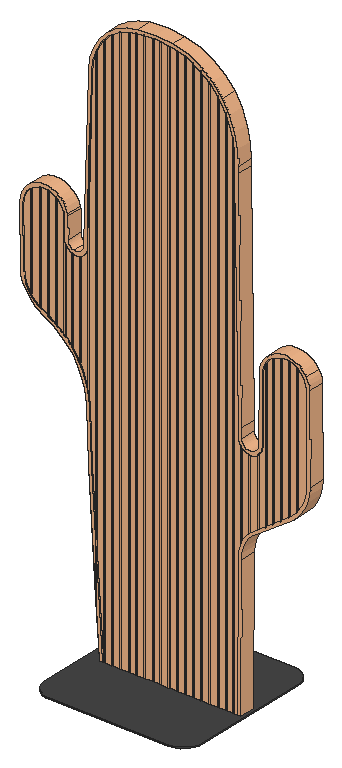
Revit family "Haworth_BuzziCactus_Gringo", category Furniture, Revit 2018
Family settings
  OmniClass Number = 23.40.70.14.64.21
  OmniClass Title = Systems Furniture
  Work Plane-Based = No
  Always vertical = Yes
  Cut with Voids When Loaded = No
  Shared = No
  Room Calculation Point = No
Parameters (values of type "HCBZ-CTS3-2")
  Warranty = "http://www.haworth.com/resources/product-info/warranties"
  Upholstery Finish [instance] = Haworth _ Fabric _ Trevira CS _ Yellow BCS-3008
  URL - Product = "https://www.haworth.com/products/architectural-interiors/acoustic-solutions/buzzicactus"
  URL = "http://www.haworth.com/our-brands/haworth-collection"
  Size = "Verify Final Dim. w/ Haworth"  # constant formula
  Revision Number = "1"  # constant formula
  Model = "HCBZ-CTS"  # constant formula
  Manufacturer = "Haworth"  # constant formula
  Description = "Haworth BuzziCactus Gringo"  # constant formula
  Base Finish [instance] = Haworth _ Paint _ Black BTR-9005
  Author = "Haworth (Abd Rahman)"  # constant formula
  Assembly Code = "E2020200"
  Actual Width = 35 55/128"  # constant formula
  Actual Height = 70 223/256"  # constant formula
  Actual Depth = 19 37/128"  # constant formula
Reference planes (in)
  plane 1 "Center F/B": y = 1.75
  plane 2: z = 0
  plane 3 "Back": y = 11.39453
  plane 4 "Front": y = -7.89453
  plane 5 "Top": z = 70.87109
  plane 6 "Right": x = 40.17522
  plane 7 "Left": x = 4.74553
  plane 8: x = 22.46038
  plane 9 "Front Surface": y = 0.8255
  plane 10 "Back Surface": y = 2.69487
  plane 11 "Base Top": z = 0.11811
  plane 12: y = 2.6327
  plane 13: y = 0.8673
Forms (in)
  Extrusion 1, solid, material "Haworth _ Paint _ Black BTR-9005" <- "Base Finish"
    sketch origin (0, 0, 0) x (1, 0, 0) y (0, 1, 0)
      loop
        arc (29.68075, -7.89453) -> (31.39545, -7.18428) -> (32.1057, -5.46957) r 2.42496
        line (32.1057, -5.46957) -> (32.1057, 8.96875)
        arc (32.1057, 8.96875) -> (31.39521, 10.68404) -> (29.67992, 11.39453) r 2.42578
        line (29.67992, 11.39453) -> (15.24015, 11.39453)
        arc (15.24015, 11.39453) -> (13.52486, 10.68404) -> (12.81437, 8.96875) r 2.42578
        line (12.81437, 8.96875) -> (12.81437, -5.46875)
        arc (12.81437, -5.46875) -> (13.52486, -7.18404) -> (15.24015, -7.89453) r 2.42578
        line (15.24015, -7.89453) -> (29.68075, -7.89453)
    from 0 to 0.11811
  Extrusion 2, solid, material "Haworth _ Fabric _ Trevira CS _ Yellow BCS-3008" <- "Upholstery Finish"
    sketch origin (0, 1.75, 0) x (1, 0, 0) y (0, 0, 1)
      loop
        line (14.44881, 0.11811) -> (31.64043, 0.11811)
        arc (31.64043, 0.11811) -> (31.76038, 8.67929) -> (31.76296, 17.24131) r 624.56933
        arc (31.76296, 17.24131) -> (32.28668, 19.24643) -> (33.7435, 20.72037) r 4
        arc (33.7435, 20.72037) -> (36.061, 22.21671) -> (38.23759, 23.9115) r 31.26791
        arc (38.23759, 23.9115) -> (39.65876, 25.7782) -> (40.17522, 28.06676) r 5.51404
        arc (40.17522, 28.06676) -> (40.17482, 33.35435) -> (40.09352, 38.64132) r 345.55224
        arc (40.09352, 38.64132) -> (39.97865, 39.36158) -> (39.67566, 40.02505) r 2.7072
        arc (39.67566, 40.02505) -> (36.13756, 41.34251) -> (33.92675, 38.28209) r 3.11583
        arc (33.92675, 38.28209) -> (33.92862, 38.18885) -> (33.92952, 38.0956) r 9
        arc (33.92952, 38.0956) -> (33.93141, 34.3073) -> (33.90289, 30.51911) r 472.00428
        arc (33.90289, 30.51911) -> (32.85266, 29.47258) -> (31.78581, 30.50216) r 1.05878
        arc (31.78581, 30.50216) -> (31.77487, 31.0687) -> (31.77326, 31.63533) r 34.40448
        arc (31.77326, 31.63533) -> (31.70882, 45.51679) -> (31.36584, 59.39416) r 691.70281
        arc (31.36584, 59.39416) -> (31.36049, 59.7456) -> (31.36887, 60.09698) r 9
        arc (31.36887, 60.09698) -> (30.95053, 63.64251) -> (29.43287, 66.87399) r 11.14818
        arc (29.43287, 66.87399) -> (26.79796, 69.41017) -> (23.37149, 70.68859) r 9
        arc (23.37149, 70.68859) -> (21.23167, 70.87833) -> (19.08514, 70.7931) r 16.77776
        arc (19.08514, 70.7931) -> (14.82932, 68.6471) -> (13.07393, 64.21586) r 6.70641
        arc (13.07393, 64.21586) -> (13.07131, 64.09041) -> (13.06695, 63.96501) r 9
        arc (13.06695, 63.96501) -> (12.73608, 54.3418) -> (12.54761, 44.71474) r 650.84118
        arc (12.54761, 44.71474) -> (12.53433, 44.59116) -> (12.49798, 44.47231) r 0.65592
        arc (12.49798, 44.47231) -> (11.97158, 43.93614) -> (11.22045, 43.91689) r 1.00162
        arc (11.22045, 43.91689) -> (10.76655, 44.27435) -> (10.60286, 44.82843) r 0.95223
        arc (10.60286, 44.82843) -> (10.60758, 46.12083) -> (10.56756, 47.41261) r 37.32192
        arc (10.56756, 47.41261) -> (10.55772, 47.51227) -> (10.53797, 47.61044) r 1
        arc (10.53797, 47.61044) -> (7.27835, 49.82957) -> (4.67916, 46.86412) r 2.97517
        arc (4.67916, 46.86412) -> (4.70421, 43.35055) -> (4.74602, 39.83714) r 737
        arc (4.74602, 39.83714) -> (5.25915, 37.7566) -> (6.63447, 36.1133) r 4.75
        arc (6.63447, 36.1133) -> (7.17443, 35.73559) -> (7.74018, 35.39771) r 9.15058
        arc (7.74018, 35.39771) -> (8.26108, 35.09767) -> (8.76944, 34.77683) r 14.8683
        arc (8.76944, 34.77683) -> (11.66058, 31.67084) -> (12.80724, 27.58538) r 9
        arc (12.80724, 27.58538) -> (12.93368, 24.28797) -> (13.07777, 20.99128) r 616.17587
        arc (13.07777, 20.99128) -> (13.66293, 10.5481) -> (14.44881, 0.11811) r 543.89389
    from -0.94487 to 0.9245
  Extrusion 3, void
    sketch origin (0.52714, 1.75, -0.27) x (1, 0, 0) y (0, 0, 1)
      loop
        arc (5.45556, 37.60668) -> (5.577, 37.44834) -> (5.70556, 37.29573) r 4.35156
        line (5.70556, 37.29573) -> (5.70556, 49.29734)
        arc (5.70556, 49.29734) -> (5.5777, 49.20707) -> (5.45556, 49.1092) r 2.57674
        line (5.45556, 49.1092) -> (5.45556, 37.60668)
    from 0.8827 to 1.65312
  Extrusion 4, void
    sketch origin (1.64932, 1.75, -0.27) x (1, 0, 0) y (0, 0, 1)
      loop
        arc (5.45556, 36.5333) -> (5.57983, 36.44733) -> (5.70556, 36.36352) r 8.75214
        line (5.70556, 36.36352) -> (5.70556, 49.70753)
        arc (5.70556, 49.70753) -> (5.58005, 49.6897) -> (5.45556, 49.66573) r 2.57674
        line (5.45556, 49.66573) -> (5.45556, 36.5333)
    from 0.8827 to 1.65312
  Extrusion 5, void
    sketch origin (2.64551, 1.75, -0.35715) x (1, 0, 0) y (0, 0, 1)
      loop
        arc (5.45556, 36.0098) -> (5.5809, 35.93807) -> (5.70556, 35.86516) r 15.26674
        line (5.70556, 35.86516) -> (5.70556, 49.71614)
        arc (5.70556, 49.71614) -> (5.58127, 49.74774) -> (5.45556, 49.77311) r 2.57674
        line (5.45556, 49.77311) -> (5.45556, 36.0098)
    from 0.8827 to 1.65312
  Extrusion 6, void
    sketch origin (3.61144, 1.75, -0.61597) x (1, 0, 0) y (0, 0, 1)
      loop
        arc (5.45556, 35.67325) -> (5.58127, 35.58701) -> (5.70556, 35.49873) r 9.39844
        line (5.70556, 35.49873) -> (5.70556, 49.46272)
        arc (5.70556, 49.46272) -> (5.58339, 49.55973) -> (5.45556, 49.64918) r 2.57674
        line (5.45556, 49.64918) -> (5.45556, 35.67325)
    from 0.8827 to 1.65312
  Extrusion 7, void
    sketch origin (4.64672, 1.75, -4.47968) x (1, 0, 0) y (0, 0, 1)
      loop
        arc (5.45556, 38.72821) -> (5.58162, 38.61259) -> (5.70556, 38.49469) r 9.39844
        line (5.70556, 38.49469) -> (5.70556, 48.67328)
        arc (5.70556, 48.67328) -> (5.59179, 48.98571) -> (5.55779, 49.31646) r 1.35067
        arc (5.55779, 49.31646) -> (5.56247, 50.59506) -> (5.52287, 51.87305) r 36.92349
        arc (5.52287, 51.87305) -> (5.51695, 51.933) -> (5.50507, 51.99206) r 0.60156
        arc (5.50507, 51.99206) -> (5.48178, 52.07759) -> (5.45556, 52.16227) r 2.57674
        line (5.45556, 52.16227) -> (5.45556, 38.72821)
    from 0.8827 to 1.65312
  Extrusion 8, void
    sketch origin (5.5306, 1.75, -5.36356) x (1, 0, 0) y (0, 0, 1)
      loop
        arc (5.45556, 38.70072) -> (5.58219, 38.5479) -> (5.70556, 38.39243) r 9.39844
        line (5.70556, 38.39243) -> (5.70556, 48.85914)
        arc (5.70556, 48.85914) -> (5.62703, 48.881) -> (5.54991, 48.90739) r 1.40006
        arc (5.54991, 48.90739) -> (5.50236, 48.92627) -> (5.45556, 48.94692) r 1.35067
        line (5.45556, 48.94692) -> (5.45556, 38.70072)
    from 0.8827 to 1.65312
  Extrusion 9, void
    sketch origin (6.5306, 1.75, -5.36356) x (1, 0, 0) y (0, 0, 1)
      loop
        arc (5.45556, 37.26815) -> (5.5839, 37.03442) -> (5.70556, 36.79714) r 9.39844
        line (5.70556, 36.79714) -> (5.70556, 48.98564)
        arc (5.70556, 48.98564) -> (5.58311, 48.92715) -> (5.45556, 48.8808) r 1.40006
        line (5.45556, 48.8808) -> (5.45556, 37.26815)
    from 0.8827 to 1.65312
  Extrusion 10, void
    sketch origin (7.55413, 1.75, -5.36356) x (1, 0, 0) y (0, 0, 1)
      loop
        arc (5.45556, 34.56484) -> (5.58786, 33.7682) -> (5.65129, 32.96314) r 9.39844
        arc (5.65129, 32.96314) -> (5.67799, 32.22698) -> (5.70556, 31.49085) r 615.77743
        line (5.70556, 31.49085) -> (5.70556, 63.84791)
        arc (5.70556, 63.84791) -> (5.56273, 59.03334) -> (5.45556, 54.21783) r 650.44274
        line (5.45556, 54.21783) -> (5.45556, 34.56484)
    from 0.8827 to 1.65312
  Extrusion 11, void
    sketch origin (10.47504, 1.75, -5.36356) x (1, 0, 0) y (0, 0, 1)
      loop
        line (5.45556, 5.48167) -> (5.70556, 5.48167) -> (5.70556, 74.66676)
        arc (5.70556, 74.66676) -> (5.57944, 74.57683) -> (5.45556, 74.48382) r 6.30797
        line (5.45556, 74.48382) -> (5.45556, 5.48167)
    from 0.8827 to 1.65312
  Extrusion 12, void
    sketch origin (11.47504, 1.75, -5.36356) x (1, 0, 0) y (0, 0, 1)
      loop
        line (5.45556, 5.48167) -> (5.70556, 5.48167) -> (5.70556, 75.23394)
        arc (5.70556, 75.23394) -> (5.5799, 75.17545) -> (5.45556, 75.11421) r 6.30797
        line (5.45556, 75.11421) -> (5.45556, 5.48167)
    from 0.8827 to 1.65312
  Extrusion 13, void
    sketch origin (12.47504, 1.75, -5.36356) x (1, 0, 0) y (0, 0, 1)
      loop
        line (5.45556, 5.48167) -> (5.70556, 5.48167) -> (5.70556, 75.58823)
        arc (5.70556, 75.58823) -> (5.5802, 75.55399) -> (5.45556, 75.51718) r 6.30797
        line (5.45556, 75.51718) -> (5.45556, 5.48167)
    from 0.8827 to 1.65312
  Extrusion 14, void
    sketch origin (13.40007, 1.75, -5.36356) x (1, 0, 0) y (0, 0, 1)
      loop
        line (5.45556, 5.48167) -> (5.70556, 5.48167) -> (5.70556, 75.75817)
        arc (5.70556, 75.75817) -> (5.5804, 75.74345) -> (5.45556, 75.72623) r 6.30797
        line (5.45556, 75.72623) -> (5.45556, 5.48167)
    from 0.8827 to 1.65312
  Extrusion 15, void
    sketch origin (14.40007, 1.75, -10.36356) x (1, 0, 0) y (0, 0, 1)
      loop
        line (5.45556, 10.48167) -> (5.70556, 10.48167) -> (5.70556, 80.83274)
        arc (5.70556, 80.83274) -> (5.58054, 80.82678) -> (5.45556, 80.81987) r 16.37932
        line (5.45556, 80.81987) -> (5.45556, 10.48167)
    from 0.8827 to 1.65312
  Extrusion 16, void
    sketch origin (15.40007, 1.75, -10.36356) x (1, 0, 0) y (0, 0, 1)
      loop
        line (5.45556, 10.48167) -> (5.70556, 10.48167) -> (5.70556, 80.846)
        arc (5.70556, 80.846) -> (5.58057, 80.84768) -> (5.45556, 80.84841) r 16.37932
        line (5.45556, 80.84841) -> (5.45556, 10.48167)
    from 0.8827 to 1.65312
  Extrusion 17, void
    sketch origin (16.35227, 1.75, -10.36356) x (1, 0, 0) y (0, 0, 1)
      loop
        line (5.45556, 10.48167) -> (5.70556, 10.48167) -> (5.70556, 80.80181)
        arc (5.70556, 80.80181) -> (5.58059, 80.81078) -> (5.45556, 80.81879) r 16.37932
        line (5.45556, 80.81879) -> (5.45556, 10.48167)
    from 0.8827 to 1.65312
  Extrusion 18, void
    sketch origin (17.35227, 1.75, -10.36356) x (1, 0, 0) y (0, 0, 1)
      loop
        line (5.45556, 10.48167) -> (5.70556, 10.48167) -> (5.70556, 80.69522)
        arc (5.70556, 80.69522) -> (5.58062, 80.71194) -> (5.45556, 80.7277) r 16.37932
        line (5.45556, 80.7277) -> (5.45556, 10.48167)
    from 0.8827 to 1.65312
  Extrusion 19, void
    sketch origin (18.35227, 1.75, -10.36356) x (1, 0, 0) y (0, 0, 1)
      loop
        line (5.45556, 10.48167) -> (5.70556, 10.48167) -> (5.70556, 80.50944)
        arc (5.70556, 80.50944) -> (5.58078, 80.53913) -> (5.45556, 80.56696) r 8.60156
        line (5.45556, 80.56696) -> (5.45556, 10.48167)
    from 0.8827 to 1.65312
  Extrusion 20, void
    sketch origin (19.34984, 1.75, -10.43332) x (1, 0, 0) y (0, 0, 1)
      loop
        line (5.45556, 10.55143) -> (5.70556, 10.55143) -> (5.70556, 80.2686)
        arc (5.70556, 80.2686) -> (5.58091, 80.31479) -> (5.45556, 80.35905) r 8.60156
        line (5.45556, 80.35905) -> (5.45556, 10.55143)
    from 0.8827 to 1.65312
  Extrusion 21, void
    sketch origin (20.34984, 1.75, -10.43332) x (1, 0, 0) y (0, 0, 1)
      loop
        line (5.45556, 10.55143) -> (5.70556, 10.55143) -> (5.70556, 79.8142)
        arc (5.70556, 79.8142) -> (5.58109, 79.87936) -> (5.45556, 79.94247) r 8.60156
        line (5.45556, 79.94247) -> (5.45556, 10.55143)
    from 0.8827 to 1.65312
  Extrusion 22, void
    sketch origin (21.34984, 1.75, -10.43332) x (1, 0, 0) y (0, 0, 1)
      loop
        line (5.45556, 10.55143) -> (5.70556, 10.55143) -> (5.70556, 79.18862)
        arc (5.70556, 79.18862) -> (5.58134, 79.27708) -> (5.45556, 79.36332) r 8.60156
        line (5.45556, 79.36332) -> (5.45556, 10.55143)
    from 0.8827 to 1.65312
  Extrusion 23, void
    sketch origin (22.34984, 1.75, -10.43332) x (1, 0, 0) y (0, 0, 1)
      loop
        line (5.45556, 10.55143) -> (5.70556, 10.55143) -> (5.70556, 78.33953)
        arc (5.70556, 78.33953) -> (5.58175, 78.45964) -> (5.45556, 78.57726) r 8.60156
        line (5.45556, 78.57726) -> (5.45556, 10.55143)
    from 0.8827 to 1.65312
  Extrusion 24, void
    sketch origin (23.34984, 1.75, -10.43332) x (1, 0, 0) y (0, 0, 1)
      loop
        line (5.45556, 10.55143) -> (5.70556, 10.55143) -> (5.70556, 77.15267)
        arc (5.70556, 77.15267) -> (5.58265, 77.32409) -> (5.45556, 77.49244) r 8.60156
        line (5.45556, 77.49244) -> (5.45556, 10.55143)
    from 0.8827 to 1.65312
  Extrusion 25, void
    sketch origin (24.34984, 1.75, -10.43332) x (1, 0, 0) y (0, 0, 1)
      loop
        line (5.45556, 10.55143) -> (5.70556, 10.55143) -> (5.70556, 75.37726)
        arc (5.70556, 75.37726) -> (5.5841, 75.64105) -> (5.45556, 75.90146) r 10.74974
        line (5.45556, 75.90146) -> (5.45556, 10.55143)
    from 0.8827 to 1.65312
  Extrusion 26, void
    sketch origin (25.22484, 1.75, -10.43332) x (1, 0, 0) y (0, 0, 1)
      loop
        line (5.45556, 10.55143) -> (5.70556, 10.55143) -> (5.70556, 72.05447)
        arc (5.70556, 72.05447) -> (5.60653, 72.80041) -> (5.45556, 73.5376) r 10.74974
        line (5.45556, 73.5376) -> (5.45556, 10.55143)
    from 0.8827 to 1.65312
  Extrusion 27, void
    sketch origin (26.22484, 1.75, -10.43332) x (1, 0, 0) y (0, 0, 1)
      loop
        arc (5.45556, 29.33781) -> (5.57199, 29.60261) -> (5.70556, 29.85918) r 4.39844
        line (5.70556, 29.85918) -> (5.70556, 39.82953)
        arc (5.70556, 39.82953) -> (5.57257, 39.95087) -> (5.45556, 40.08767) r 1.45721
        line (5.45556, 40.08767) -> (5.45556, 29.33781)
    from 0.8827 to 1.65312
  Extrusion 28, void
    sketch origin (27.22484, 1.75, -10.43332) x (1, 0, 0) y (0, 0, 1)
      loop
        arc (5.45556, 30.83845) -> (5.57838, 30.95456) -> (5.70556, 31.06586) r 4.39844
        line (5.70556, 31.06586) -> (5.70556, 39.50998)
        arc (5.70556, 39.50998) -> (5.58042, 39.50795) -> (5.45556, 39.51666) r 1.45721
        line (5.45556, 39.51666) -> (5.45556, 30.83845)
    from 0.8827 to 1.65312
  Extrusion 29, void
    sketch origin (28.32239, 1.75, -10.43332) x (1, 0, 0) y (0, 0, 1)
      loop
        arc (5.45556, 31.63682) -> (5.58074, 31.71192) -> (5.70556, 31.78762) r 30.86947
        line (5.70556, 31.78762) -> (5.70556, 40.11484)
        arc (5.70556, 40.11484) -> (5.58907, 39.97247) -> (5.45556, 39.84591) r 1.45721
        line (5.45556, 39.84591) -> (5.45556, 31.63682)
    from 0.8827 to 1.65312
  Extrusion 30, void
    sketch origin (30.07239, 1.75, -10.43332) x (1, 0, 0) y (0, 0, 1)
      loop
        arc (5.45556, 32.76291) -> (5.58078, 32.85004) -> (5.70556, 32.9378) r 30.86947
        line (5.70556, 32.9378) -> (5.70556, 51.19973)
        arc (5.70556, 51.19973) -> (5.57857, 51.12862) -> (5.45556, 51.05082) r 2.71739
        line (5.45556, 51.05082) -> (5.45556, 32.76291)
    from 0.8827 to 1.65312
  Extrusion 31, void
    sketch origin (31.03832, 1.75, -10.1745) x (1, 0, 0) y (0, 0, 1)
      loop
        arc (5.45556, 33.20067) -> (5.5808, 33.29521) -> (5.70556, 33.39039) r 30.86947
        line (5.70556, 33.39039) -> (5.70556, 51.23624)
        arc (5.70556, 51.23624) -> (5.5801, 51.21944) -> (5.45556, 51.19682) r 2.71739
        line (5.45556, 51.19682) -> (5.45556, 33.20067)
    from 0.8827 to 1.65312
  Extrusion 32, void
    sketch origin (32.03832, 1.75, -10.1745) x (1, 0, 0) y (0, 0, 1)
      loop
        arc (5.45556, 33.98425) -> (5.58083, 34.08719) -> (5.70556, 34.19079) r 30.86947
        line (5.70556, 34.19079) -> (5.70556, 51.16027)
        arc (5.70556, 51.16027) -> (5.5812, 51.19042) -> (5.45556, 51.21469) r 2.71739
        line (5.45556, 51.21469) -> (5.45556, 33.98425)
    from 0.8827 to 1.65312
  Extrusion 33, void
    sketch origin (33.03832, 1.75, -10.1745) x (1, 0, 0) y (0, 0, 1)
      loop
        arc (5.45556, 34.89466) -> (5.58351, 35.04514) -> (5.70556, 35.20045) r 5.1156
        line (5.70556, 35.20045) -> (5.70556, 50.65332)
        arc (5.70556, 50.65332) -> (5.58309, 50.74617) -> (5.45556, 50.83195) r 2.71739
        line (5.45556, 50.83195) -> (5.45556, 34.89466)
    from 0.8827 to 1.65312
  Extrusion 34, void
    sketch origin (9.47504, 1.75, -5.36356) x (1, 0, 0) y (0, 0, 1)
      loop
        line (5.45556, 5.48167) -> (5.70556, 5.48167) -> (5.70556, 73.80359)
        arc (5.70556, 73.80359) -> (5.57845, 73.66405) -> (5.45556, 73.52077) r 6.30797
        line (5.45556, 73.52077) -> (5.45556, 5.48167)
    from 0.8827 to 1.65312
  Extrusion 35, void
    sketch origin (8.47504, 1.75, -5.36356) x (1, 0, 0) y (0, 0, 1)
      loop
        line (5.45556, 5.48167) -> (5.70556, 5.48167) -> (5.70556, 72.39161)
        arc (5.70556, 72.39161) -> (5.57412, 72.12289) -> (5.45556, 71.84824) r 6.30797
        line (5.45556, 71.84824) -> (5.45556, 5.48167)
    from 0.8827 to 1.65312
  Extrusion 36, void
    sketch origin (29.27645, 1.75, -17.52606) x (1, 0, 0) y (0, 0, 1)
      loop
        arc (5.45556, 39.32275) -> (5.58076, 39.40422) -> (5.70556, 39.48629) r 30.86947
        line (5.70556, 39.48629) -> (5.70556, 57.65944)
        arc (5.70556, 57.65944) -> (5.57392, 57.49388) -> (5.45556, 57.31858) r 2.71739
        line (5.45556, 57.31858) -> (5.45556, 39.32275)
    from 0.8827 to 1.65312
  Extrusion 37, solid, material "Haworth _ Fabric _ Trevira CS _ Yellow BCS-3008" <- "Upholstery Finish"
    sketch origin (0, 1.75, 0) x (1, 0, 0) y (0, 0, 1)
      loop
        line (14.44881, 0.11811) -> (14.84869, 0.11811)
        arc (14.84869, 0.11811) -> (14.06163, 10.55732) -> (13.47578, 21.00975) r 543.49546
        arc (13.47578, 21.00975) -> (13.33178, 24.3043) -> (13.20543, 27.59958) r 615.77743
        arc (13.20543, 27.59958) -> (12.008, 31.86591) -> (8.98886, 35.1094) r 9.39844
        arc (8.98886, 35.1094) -> (8.46689, 35.43884) -> (7.93202, 35.74692) r 15.26674
        arc (7.93202, 35.74692) -> (7.39091, 36.07008) -> (6.87446, 36.43135) r 8.75214
        arc (6.87446, 36.43135) -> (5.6145, 37.93681) -> (5.14441, 39.84283) r 4.35156
        arc (5.14441, 39.84283) -> (5.10263, 43.35434) -> (5.07759, 46.86602) r 736.60156
        arc (5.07759, 46.86602) -> (7.3287, 49.43433) -> (10.15179, 47.51238) r 2.57674
        arc (10.15179, 47.51238) -> (10.16367, 47.45333) -> (10.16959, 47.39338) r 0.60156
        arc (10.16959, 47.39338) -> (10.20918, 46.11538) -> (10.20451, 44.83679) r 36.92349
        arc (10.20451, 44.83679) -> (10.43669, 44.05086) -> (11.08051, 43.54384) r 1.35067
        arc (11.08051, 43.54384) -> (12.13044, 43.57074) -> (12.86623, 44.32019) r 1.40006
        arc (12.86623, 44.32019) -> (12.92467, 44.51124) -> (12.94602, 44.70989) r 1.05436
        arc (12.94602, 44.70989) -> (13.13437, 54.33105) -> (13.46504, 63.94838) r 650.44274
        arc (13.46504, 63.94838) -> (13.46959, 64.07933) -> (13.47233, 64.21033) r 9.39844
        arc (13.47233, 64.21033) -> (15.12343, 68.3783) -> (19.1264, 70.3968) r 6.30797
        arc (19.1264, 70.3968) -> (21.22196, 70.48002) -> (23.31097, 70.29478) r 16.37932
        arc (23.31097, 70.29478) -> (26.58574, 69.07296) -> (29.104, 66.64905) r 8.60156
        arc (29.104, 66.64905) -> (30.56742, 63.53306) -> (30.9708, 60.11426) r 10.74974
        arc (30.9708, 60.11426) -> (30.96205, 59.74732) -> (30.96764, 59.38032) r 9.39844
        arc (30.96764, 59.38032) -> (31.31043, 45.51094) -> (31.37482, 31.63748) r 691.30437
        arc (31.37482, 31.63748) -> (31.37645, 31.06428) -> (31.38752, 30.49119) r 34.80291
        arc (31.38752, 30.49119) -> (32.85585, 29.07416) -> (34.3013, 30.51451) r 1.45721
        arc (34.3013, 30.51451) -> (34.32984, 34.3059) -> (34.32796, 38.0974) r 472.40272
        arc (34.32796, 38.0974) -> (34.32701, 38.19478) -> (34.32506, 38.29214) r 9.39844
        arc (34.32506, 38.29214) -> (36.25316, 40.96121) -> (39.33883, 39.81222) r 2.71739
        arc (39.33883, 39.81222) -> (39.59722, 39.2464) -> (39.69518, 38.63214) r 2.30876
        arc (39.69518, 38.63214) -> (39.7764, 33.35127) -> (39.77679, 28.06978) r 345.1538
        arc (39.77679, 28.06978) -> (39.29765, 25.94658) -> (37.97918, 24.21477) r 5.1156
        arc (37.97918, 24.21477) -> (35.83032, 22.54158) -> (33.54235, 21.0643) r 30.86947
        arc (33.54235, 21.0643) -> (31.94042, 19.44355) -> (31.36453, 17.2387) r 4.39844
        arc (31.36453, 17.2387) -> (31.36192, 8.67798) -> (31.24191, 0.11811) r 624.1709
        line (31.24191, 0.11811) -> (31.64043, 0.11811)
        arc (31.64043, 0.11811) -> (31.76038, 8.67929) -> (31.76296, 17.24131) r 624.56933
        arc (31.76296, 17.24131) -> (32.28668, 19.24643) -> (33.7435, 20.72037) r 4
        arc (33.7435, 20.72037) -> (36.061, 22.21671) -> (38.23759, 23.9115) r 31.26791
        arc (38.23759, 23.9115) -> (39.65876, 25.7782) -> (40.17522, 28.06676) r 5.51404
        arc (40.17522, 28.06676) -> (40.17482, 33.35435) -> (40.09352, 38.64132) r 345.55224
        arc (40.09352, 38.64132) -> (39.97865, 39.36158) -> (39.67566, 40.02505) r 2.7072
        arc (39.67566, 40.02505) -> (36.13756, 41.34251) -> (33.92675, 38.28209) r 3.11583
        arc (33.92675, 38.28209) -> (33.92862, 38.18885) -> (33.92952, 38.0956) r 9
        arc (33.92952, 38.0956) -> (33.93141, 34.3073) -> (33.90289, 30.51911) r 472.00428
        arc (33.90289, 30.51911) -> (32.85266, 29.47258) -> (31.78581, 30.50216) r 1.05878
        arc (31.78581, 30.50216) -> (31.77487, 31.0687) -> (31.77326, 31.63533) r 34.40448
        arc (31.77326, 31.63533) -> (31.70882, 45.51679) -> (31.36584, 59.39416) r 691.70281
        arc (31.36584, 59.39416) -> (31.36049, 59.7456) -> (31.36887, 60.09698) r 9
        arc (31.36887, 60.09698) -> (30.95053, 63.64251) -> (29.43287, 66.87399) r 11.14818
        arc (29.43287, 66.87399) -> (26.79796, 69.41017) -> (23.37149, 70.68859) r 9
        arc (23.37149, 70.68859) -> (21.23167, 70.87833) -> (19.08514, 70.7931) r 16.77776
        arc (19.08514, 70.7931) -> (14.82932, 68.6471) -> (13.07393, 64.21586) r 6.70641
        arc (13.07393, 64.21586) -> (13.07131, 64.09041) -> (13.06695, 63.96501) r 9
        arc (13.06695, 63.96501) -> (12.73608, 54.3418) -> (12.54761, 44.71474) r 650.84118
        arc (12.54761, 44.71474) -> (12.53433, 44.59116) -> (12.49798, 44.47231) r 0.65592
        arc (12.49798, 44.47231) -> (11.97158, 43.93614) -> (11.22045, 43.91689) r 1.00162
        arc (11.22045, 43.91689) -> (10.76655, 44.27435) -> (10.60286, 44.82843) r 0.95223
        arc (10.60286, 44.82843) -> (10.60758, 46.12083) -> (10.56756, 47.41261) r 37.32192
        arc (10.56756, 47.41261) -> (10.55772, 47.51227) -> (10.53797, 47.61044) r 1
        arc (10.53797, 47.61044) -> (7.27835, 49.82957) -> (4.67916, 46.86412) r 2.97517
        arc (4.67916, 46.86412) -> (4.70421, 43.35055) -> (4.74602, 39.83714) r 737
        arc (4.74602, 39.83714) -> (5.25915, 37.7566) -> (6.63447, 36.1133) r 4.75
        arc (6.63447, 36.1133) -> (7.17443, 35.73559) -> (7.74018, 35.39771) r 9.15058
        arc (7.74018, 35.39771) -> (8.26108, 35.09767) -> (8.76944, 34.77683) r 14.8683
        arc (8.76944, 34.77683) -> (11.66058, 31.67084) -> (12.80724, 27.58538) r 9
        arc (12.80724, 27.58538) -> (12.93368, 24.28797) -> (13.07777, 20.99128) r 616.17587
        arc (13.07777, 20.99128) -> (13.66293, 10.5481) -> (14.44881, 0.11811) r 543.89389
    from -0.94487 to 0.9245
  Extrusion 38, void
    sketch origin (0.52714, 1.75, -0.27) x (1, 0, 0) y (0, 0, -1)
      loop
        line (5.45556, -37.60668) -> (5.45556, -49.1092)
        arc (5.45556, -49.1092) -> (5.5777, -49.20707) -> (5.70556, -49.29734) r 2.57674
        line (5.70556, -49.29734) -> (5.70556, -37.29573)
        arc (5.70556, -37.29573) -> (5.577, -37.44834) -> (5.45556, -37.60668) r 4.35156
    from 0.8827 to 1.65312
  Extrusion 39, void
    sketch origin (1.64932, 1.75, -0.27) x (1, 0, 0) y (0, 0, -1)
      loop
        line (5.45556, -36.5333) -> (5.45556, -49.66573)
        arc (5.45556, -49.66573) -> (5.58005, -49.6897) -> (5.70556, -49.70753) r 2.57674
        line (5.70556, -49.70753) -> (5.70556, -36.36352)
        arc (5.70556, -36.36352) -> (5.57983, -36.44733) -> (5.45556, -36.5333) r 8.75214
    from 0.8827 to 1.65312
  Extrusion 40, void
    sketch origin (2.64551, 1.75, -0.35715) x (1, 0, 0) y (0, 0, -1)
      loop
        line (5.45556, -36.0098) -> (5.45556, -49.77311)
        arc (5.45556, -49.77311) -> (5.58127, -49.74774) -> (5.70556, -49.71614) r 2.57674
        line (5.70556, -49.71614) -> (5.70556, -35.86516)
        arc (5.70556, -35.86516) -> (5.5809, -35.93807) -> (5.45556, -36.0098) r 15.26674
    from 0.8827 to 1.65312
  Extrusion 41, void
    sketch origin (3.61144, 1.75, -0.61597) x (1, 0, 0) y (0, 0, -1)
      loop
        line (5.45556, -35.67325) -> (5.45556, -49.64918)
        arc (5.45556, -49.64918) -> (5.58339, -49.55973) -> (5.70556, -49.46272) r 2.57674
        line (5.70556, -49.46272) -> (5.70556, -35.49873)
        arc (5.70556, -35.49873) -> (5.58127, -35.58701) -> (5.45556, -35.67325) r 9.39844
    from 0.8827 to 1.65312
  Extrusion 42, void
    sketch origin (4.64672, 1.75, -4.47968) x (1, 0, 0) y (0, 0, -1)
      loop
        line (5.45556, -38.72821) -> (5.45556, -52.16227)
        arc (5.45556, -52.16227) -> (5.48178, -52.07759) -> (5.50507, -51.99206) r 2.57674
        arc (5.50507, -51.99206) -> (5.51695, -51.933) -> (5.52287, -51.87305) r 0.60156
        arc (5.52287, -51.87305) -> (5.56247, -50.59506) -> (5.55779, -49.31646) r 36.92349
        arc (5.55779, -49.31646) -> (5.59179, -48.98571) -> (5.70556, -48.67328) r 1.35067
        line (5.70556, -48.67328) -> (5.70556, -38.49469)
        arc (5.70556, -38.49469) -> (5.58162, -38.61259) -> (5.45556, -38.72821) r 9.39844
    from 0.8827 to 1.65312
  Extrusion 43, void
    sketch origin (5.5306, 1.75, -5.36356) x (1, 0, 0) y (0, 0, -1)
      loop
        line (5.45556, -38.70072) -> (5.45556, -48.94692)
        arc (5.45556, -48.94692) -> (5.50236, -48.92627) -> (5.54991, -48.90739) r 1.35067
        arc (5.54991, -48.90739) -> (5.62703, -48.881) -> (5.70556, -48.85914) r 1.40006
        line (5.70556, -48.85914) -> (5.70556, -38.39243)
        arc (5.70556, -38.39243) -> (5.58219, -38.5479) -> (5.45556, -38.70072) r 9.39844
    from 0.8827 to 1.65312
  Extrusion 44, void
    sketch origin (6.5306, 1.75, -5.36356) x (1, 0, 0) y (0, 0, -1)
      loop
        line (5.45556, -37.26815) -> (5.45556, -48.8808)
        arc (5.45556, -48.8808) -> (5.58311, -48.92715) -> (5.70556, -48.98564) r 1.40006
        line (5.70556, -48.98564) -> (5.70556, -36.79714)
        arc (5.70556, -36.79714) -> (5.5839, -37.03442) -> (5.45556, -37.26815) r 9.39844
    from 0.8827 to 1.65312
  Extrusion 45, void
    sketch origin (7.55413, 1.75, -5.36356) x (1, 0, 0) y (0, 0, -1)
      loop
        line (5.45556, -34.56484) -> (5.45556, -54.21783)
        arc (5.45556, -54.21783) -> (5.56273, -59.03334) -> (5.70556, -63.84791) r 650.44274
        line (5.70556, -63.84791) -> (5.70556, -31.49085)
        arc (5.70556, -31.49085) -> (5.67799, -32.22698) -> (5.65129, -32.96314) r 615.77743
        arc (5.65129, -32.96314) -> (5.58786, -33.7682) -> (5.45556, -34.56484) r 9.39844
    from 0.8827 to 1.65312
  Extrusion 46, void
    sketch origin (10.47504, 1.75, -5.36356) x (1, 0, 0) y (0, 0, -1)
      loop
        line (5.45556, -5.48167) -> (5.45556, -74.48382)
        arc (5.45556, -74.48382) -> (5.57944, -74.57683) -> (5.70556, -74.66676) r 6.30797
        line (5.70556, -74.66676) -> (5.70556, -5.48167) -> (5.45556, -5.48167)
    from 0.8827 to 1.65312
  Extrusion 47, void
    sketch origin (11.47504, 1.75, -5.36356) x (1, 0, 0) y (0, 0, -1)
      loop
        line (5.45556, -5.48167) -> (5.45556, -75.11421)
        arc (5.45556, -75.11421) -> (5.5799, -75.17545) -> (5.70556, -75.23394) r 6.30797
        line (5.70556, -75.23394) -> (5.70556, -5.48167) -> (5.45556, -5.48167)
    from 0.8827 to 1.65312
  Extrusion 48, void
    sketch origin (12.47504, 1.75, -5.36356) x (1, 0, 0) y (0, 0, -1)
      loop
        line (5.45556, -5.48167) -> (5.45556, -75.51718)
        arc (5.45556, -75.51718) -> (5.5802, -75.55399) -> (5.70556, -75.58823) r 6.30797
        line (5.70556, -75.58823) -> (5.70556, -5.48167) -> (5.45556, -5.48167)
    from 0.8827 to 1.65312
  Extrusion 49, void
    sketch origin (13.40007, 1.75, -5.36356) x (1, 0, 0) y (0, 0, -1)
      loop
        line (5.45556, -5.48167) -> (5.45556, -75.72623)
        arc (5.45556, -75.72623) -> (5.5804, -75.74345) -> (5.70556, -75.75817) r 6.30797
        line (5.70556, -75.75817) -> (5.70556, -5.48167) -> (5.45556, -5.48167)
    from 0.8827 to 1.65312
  Extrusion 50, void
    sketch origin (14.40007, 1.75, -10.36356) x (1, 0, 0) y (0, 0, -1)
      loop
        line (5.45556, -10.48167) -> (5.45556, -80.81987)
        arc (5.45556, -80.81987) -> (5.58054, -80.82678) -> (5.70556, -80.83274) r 16.37932
        line (5.70556, -80.83274) -> (5.70556, -10.48167) -> (5.45556, -10.48167)
    from 0.8827 to 1.65312
  Extrusion 51, void
    sketch origin (15.40007, 1.75, -10.36356) x (1, 0, 0) y (0, 0, -1)
      loop
        line (5.45556, -10.48167) -> (5.45556, -80.84841)
        arc (5.45556, -80.84841) -> (5.58057, -80.84768) -> (5.70556, -80.846) r 16.37932
        line (5.70556, -80.846) -> (5.70556, -10.48167) -> (5.45556, -10.48167)
    from 0.8827 to 1.65312
  Extrusion 52, void
    sketch origin (16.35227, 1.75, -10.36356) x (1, 0, 0) y (0, 0, -1)
      loop
        line (5.45556, -10.48167) -> (5.45556, -80.81879)
        arc (5.45556, -80.81879) -> (5.58059, -80.81078) -> (5.70556, -80.80181) r 16.37932
        line (5.70556, -80.80181) -> (5.70556, -10.48167) -> (5.45556, -10.48167)
    from 0.8827 to 1.65312
  Extrusion 53, void
    sketch origin (17.35227, 1.75, -10.36356) x (1, 0, 0) y (0, 0, -1)
      loop
        line (5.45556, -10.48167) -> (5.45556, -80.7277)
        arc (5.45556, -80.7277) -> (5.58062, -80.71194) -> (5.70556, -80.69522) r 16.37932
        line (5.70556, -80.69522) -> (5.70556, -10.48167) -> (5.45556, -10.48167)
    from 0.8827 to 1.65312
  Extrusion 54, void
    sketch origin (18.35227, 1.75, -10.36356) x (1, 0, 0) y (0, 0, -1)
      loop
        line (5.45556, -10.48167) -> (5.45556, -80.56696)
        arc (5.45556, -80.56696) -> (5.58078, -80.53913) -> (5.70556, -80.50944) r 8.60156
        line (5.70556, -80.50944) -> (5.70556, -10.48167) -> (5.45556, -10.48167)
    from 0.8827 to 1.65312
  Extrusion 55, void
    sketch origin (19.34984, 1.75, -10.43332) x (1, 0, 0) y (0, 0, -1)
      loop
        line (5.45556, -10.55143) -> (5.45556, -80.35905)
        arc (5.45556, -80.35905) -> (5.58091, -80.31479) -> (5.70556, -80.2686) r 8.60156
        line (5.70556, -80.2686) -> (5.70556, -10.55143) -> (5.45556, -10.55143)
    from 0.8827 to 1.65312
  Extrusion 56, void
    sketch origin (20.34984, 1.75, -10.43332) x (1, 0, 0) y (0, 0, -1)
      loop
        line (5.45556, -10.55143) -> (5.45556, -79.94247)
        arc (5.45556, -79.94247) -> (5.58109, -79.87936) -> (5.70556, -79.8142) r 8.60156
        line (5.70556, -79.8142) -> (5.70556, -10.55143) -> (5.45556, -10.55143)
    from 0.8827 to 1.65312
  Extrusion 57, void
    sketch origin (21.34984, 1.75, -10.43332) x (1, 0, 0) y (0, 0, -1)
      loop
        line (5.45556, -10.55143) -> (5.45556, -79.36332)
        arc (5.45556, -79.36332) -> (5.58134, -79.27708) -> (5.70556, -79.18862) r 8.60156
        line (5.70556, -79.18862) -> (5.70556, -10.55143) -> (5.45556, -10.55143)
    from 0.8827 to 1.65312
  Extrusion 58, void
    sketch origin (22.34984, 1.75, -10.43332) x (1, 0, 0) y (0, 0, -1)
      loop
        line (5.45556, -10.55143) -> (5.45556, -78.57726)
        arc (5.45556, -78.57726) -> (5.58175, -78.45964) -> (5.70556, -78.33953) r 8.60156
        line (5.70556, -78.33953) -> (5.70556, -10.55143) -> (5.45556, -10.55143)
    from 0.8827 to 1.65312
  Extrusion 59, void
    sketch origin (23.34984, 1.75, -10.43332) x (1, 0, 0) y (0, 0, -1)
      loop
        line (5.45556, -10.55143) -> (5.45556, -77.49244)
        arc (5.45556, -77.49244) -> (5.58265, -77.32409) -> (5.70556, -77.15267) r 8.60156
        line (5.70556, -77.15267) -> (5.70556, -10.55143) -> (5.45556, -10.55143)
    from 0.8827 to 1.65312
  Extrusion 60, void
    sketch origin (24.34984, 1.75, -10.43332) x (1, 0, 0) y (0, 0, -1)
      loop
        line (5.45556, -10.55143) -> (5.45556, -75.90146)
        arc (5.45556, -75.90146) -> (5.5841, -75.64105) -> (5.70556, -75.37726) r 10.74974
        line (5.70556, -75.37726) -> (5.70556, -10.55143) -> (5.45556, -10.55143)
    from 0.8827 to 1.65312
  Extrusion 61, void
    sketch origin (25.22484, 1.75, -10.43332) x (1, 0, 0) y (0, 0, -1)
      loop
        line (5.45556, -10.55143) -> (5.45556, -73.5376)
        arc (5.45556, -73.5376) -> (5.60653, -72.80041) -> (5.70556, -72.05447) r 10.74974
        line (5.70556, -72.05447) -> (5.70556, -10.55143) -> (5.45556, -10.55143)
    from 0.8827 to 1.65312
  Extrusion 62, void
    sketch origin (26.22484, 1.75, -10.43332) x (1, 0, 0) y (0, 0, -1)
      loop
        line (5.45556, -29.33781) -> (5.45556, -40.08767)
        arc (5.45556, -40.08767) -> (5.57257, -39.95087) -> (5.70556, -39.82953) r 1.45721
        line (5.70556, -39.82953) -> (5.70556, -29.85918)
        arc (5.70556, -29.85918) -> (5.57199, -29.60261) -> (5.45556, -29.33781) r 4.39844
    from 0.8827 to 1.65312
  Extrusion 63, void
    sketch origin (27.22484, 1.75, -10.43332) x (1, 0, 0) y (0, 0, -1)
      loop
        line (5.45556, -30.83845) -> (5.45556, -39.51666)
        arc (5.45556, -39.51666) -> (5.58042, -39.50795) -> (5.70556, -39.50998) r 1.45721
        line (5.70556, -39.50998) -> (5.70556, -31.06586)
        arc (5.70556, -31.06586) -> (5.57838, -30.95456) -> (5.45556, -30.83845) r 4.39844
    from 0.8827 to 1.65312
  Extrusion 64, void
    sketch origin (28.32239, 1.75, -10.43332) x (1, 0, 0) y (0, 0, -1)
      loop
        line (5.45556, -31.63682) -> (5.45556, -39.84591)
        arc (5.45556, -39.84591) -> (5.58907, -39.97247) -> (5.70556, -40.11484) r 1.45721
        line (5.70556, -40.11484) -> (5.70556, -31.78762)
        arc (5.70556, -31.78762) -> (5.58074, -31.71192) -> (5.45556, -31.63682) r 30.86947
    from 0.8827 to 1.65312
  Extrusion 65, void
    sketch origin (30.07239, 1.75, -10.43332) x (1, 0, 0) y (0, 0, -1)
      loop
        line (5.45556, -32.76291) -> (5.45556, -51.05082)
        arc (5.45556, -51.05082) -> (5.57857, -51.12862) -> (5.70556, -51.19973) r 2.71739
        line (5.70556, -51.19973) -> (5.70556, -32.9378)
        arc (5.70556, -32.9378) -> (5.58078, -32.85004) -> (5.45556, -32.76291) r 30.86947
    from 0.8827 to 1.65312
  Extrusion 66, void
    sketch origin (31.03832, 1.75, -10.1745) x (1, 0, 0) y (0, 0, -1)
      loop
        line (5.45556, -33.20067) -> (5.45556, -51.19682)
        arc (5.45556, -51.19682) -> (5.5801, -51.21944) -> (5.70556, -51.23624) r 2.71739
        line (5.70556, -51.23624) -> (5.70556, -33.39039)
        arc (5.70556, -33.39039) -> (5.5808, -33.29521) -> (5.45556, -33.20067) r 30.86947
    from 0.8827 to 1.65312
  Extrusion 67, void
    sketch origin (32.03832, 1.75, -10.1745) x (1, 0, 0) y (0, 0, -1)
      loop
        line (5.45556, -33.98425) -> (5.45556, -51.21469)
        arc (5.45556, -51.21469) -> (5.5812, -51.19042) -> (5.70556, -51.16027) r 2.71739
        line (5.70556, -51.16027) -> (5.70556, -34.19079)
        arc (5.70556, -34.19079) -> (5.58083, -34.08719) -> (5.45556, -33.98425) r 30.86947
    from 0.8827 to 1.65312
  Extrusion 68, void
    sketch origin (33.03832, 1.75, -10.1745) x (1, 0, 0) y (0, 0, -1)
      loop
        line (5.45556, -34.89466) -> (5.45556, -50.83195)
        arc (5.45556, -50.83195) -> (5.58309, -50.74617) -> (5.70556, -50.65332) r 2.71739
        line (5.70556, -50.65332) -> (5.70556, -35.20045)
        arc (5.70556, -35.20045) -> (5.58351, -35.04514) -> (5.45556, -34.89466) r 5.1156
    from 0.8827 to 1.65312
  Extrusion 69, void
    sketch origin (9.47504, 1.75, -5.36356) x (1, 0, 0) y (0, 0, -1)
      loop
        line (5.45556, -5.48167) -> (5.45556, -73.52077)
        arc (5.45556, -73.52077) -> (5.57845, -73.66405) -> (5.70556, -73.80359) r 6.30797
        line (5.70556, -73.80359) -> (5.70556, -5.48167) -> (5.45556, -5.48167)
    from 0.8827 to 1.65312
  Extrusion 70, void
    sketch origin (8.47504, 1.75, -5.36356) x (1, 0, 0) y (0, 0, -1)
      loop
        line (5.45556, -5.48167) -> (5.45556, -71.84824)
        arc (5.45556, -71.84824) -> (5.57412, -72.12289) -> (5.70556, -72.39161) r 6.30797
        line (5.70556, -72.39161) -> (5.70556, -5.48167) -> (5.45556, -5.48167)
    from 0.8827 to 1.65312
  Extrusion 71, void
    sketch origin (29.27645, 1.75, -17.52606) x (1, 0, 0) y (0, 0, -1)
      loop
        line (5.45556, -39.32275) -> (5.45556, -57.31858)
        arc (5.45556, -57.31858) -> (5.57392, -57.49388) -> (5.70556, -57.65944) r 2.71739
        line (5.70556, -57.65944) -> (5.70556, -39.48629)
        arc (5.70556, -39.48629) -> (5.58076, -39.40422) -> (5.45556, -39.32275) r 30.86947
    from 0.8827 to 1.65312
Cuts and joins
  Extrusion 3, Extrusion 4, Extrusion 5, Extrusion 6, Extrusion 7, Extrusion 8, Extrusion 9, Extrusion 10, Extrusion 11, Extrusion 12, Extrusion 13, Extrusion 14, Extrusion 15, Extrusion 16, Extrusion 17, Extrusion 18, Extrusion 19, Extrusion 20, Extrusion 21, Extrusion 22, Extrusion 23, Extrusion 24, Extrusion 25, Extrusion 26, Extrusion 27, Extrusion 28, Extrusion 29, Extrusion 30, Extrusion 31, Extrusion 32, Extrusion 33, Extrusion 34, Extrusion 35, Extrusion 36, Extrusion 38, Extrusion 39, Extrusion 40, Extrusion 41, Extrusion 42, Extrusion 43, Extrusion 44, Extrusion 45, Extrusion 46, Extrusion 47, Extrusion 48, Extrusion 49, Extrusion 50, Extrusion 51, Extrusion 52, Extrusion 53, Extrusion 54, Extrusion 55, Extrusion 56, Extrusion 57, Extrusion 58, Extrusion 59, Extrusion 60, Extrusion 61, Extrusion 62, Extrusion 63, Extrusion 64, Extrusion 65, Extrusion 66, Extrusion 67, Extrusion 68, Extrusion 69, Extrusion 70, Extrusion 71 cuts Extrusion 2
  Extrusion 28, Extrusion 36, Extrusion 46, Extrusion 47, Extrusion 48, Extrusion 49, Extrusion 50, Extrusion 51, Extrusion 52, Extrusion 53, Extrusion 54, Extrusion 55, Extrusion 56, Extrusion 57, Extrusion 58, Extrusion 59, Extrusion 60, Extrusion 61, Extrusion 69, Extrusion 70 cuts Extrusion 1
  Extrusion 38 cuts Extrusion 37
Lines and regions (in)
  Masking region 1
    outline origin (0, 0, 0) x (1, 0, 0) y (0, 1, 0)
      loop
        line (32.1057, 2.69487) -> (32.1057, 8.96875)
        arc (32.1057, 8.96875) -> (31.39521, 10.68404) -> (29.67992, 11.39453) r 2.42578
        line (29.67992, 11.39453) -> (15.24015, 11.39453)
        arc (15.24015, 11.39453) -> (13.52486, 10.68404) -> (12.81437, 8.96875) r 2.42578
        line (12.81437, 8.96875) -> (12.80724, 2.69487) -> (4.74553, 2.69487) -> (4.74553, 0.8255) -> (12.81437, 0.8255) -> (12.81437, -5.46875)
        arc (12.81437, -5.46875) -> (13.52486, -7.18404) -> (15.24015, -7.89453) r 2.42578
        line (15.24015, -7.89453) -> (29.68075, -7.89453)
        arc (29.68075, -7.89453) -> (31.39545, -7.18428) -> (32.1057, -5.46957) r 2.42496
        line (32.1057, -5.46957) -> (32.1057, 0.8255) -> (40.17522, 0.8255) -> (40.17522, 2.69487) -> (32.1057, 2.69487)
  symbolic lines
    curve 1: line (12.80724, 0.8255, 0) -> (32.1057, 0.8255, 0)
    curve 2: line (32.1057, 2.69487, 0) -> (12.80724, 2.69487, 0)
Dimensions and locks (in)
  "Actual Width": plane 7 "Left" to plane 6 "Right"
  "Actual Depth": plane 4 "Front" to plane 3 "Back"
  equal spacing: plane 4 "Front", plane 1 "Center F/B", plane 3 "Back"
  "Actual Height": plane 5 "Top" to level
  equal spacing: plane 7 "Left", plane 8, plane 6 "Right"
  aligned and locked: Extrusion 1 sketch curve to plane 3 "Back"
  aligned and locked: Extrusion 1 sketch curve to plane 4 "Front"
  aligned and locked: Extrusion 1 to plane 2
  aligned and locked: plane 11 "Base Top" to Extrusion 1
  aligned and locked: plane 10 "Back Surface" to Extrusion 2
  aligned and locked: Extrusion 2 to plane 9 "Front Surface"
  aligned and locked: plane 7 "Left" to Masking region 1 sketch curve
  aligned and locked: Masking region 1 sketch curve to plane 9 "Front Surface"
  aligned and locked: Masking region 1 sketch curve to plane 10 "Back Surface"  (x2)
  aligned and locked: plane 4 "Front" to Masking region 1 sketch curve
  aligned and locked: plane 9 "Front Surface" to Masking region 1 sketch curve
  aligned and locked: Masking region 1 sketch curve to plane 6 "Right"
  aligned and locked: plane 3 "Back" to Masking region 1 sketch curve
  aligned and locked: plane 11 "Base Top" to Extrusion 35 sketch curve
  aligned and locked: plane 11 "Base Top" to Extrusion 34 sketch curve
  aligned and locked: plane 11 "Base Top" to Extrusion 11 sketch curve
  aligned and locked: plane 11 "Base Top" to Extrusion 12 sketch curve
  aligned and locked: plane 11 "Base Top" to Extrusion 13 sketch curve
  aligned and locked: plane 11 "Base Top" to Extrusion 14 sketch curve
  aligned and locked: plane 11 "Base Top" to Extrusion 16 sketch curve
  aligned and locked: plane 11 "Base Top" to Extrusion 17 sketch curve
  aligned and locked: plane 11 "Base Top" to Extrusion 18 sketch curve
  aligned and locked: plane 11 "Base Top" to Extrusion 19 sketch curve
  aligned and locked: plane 11 "Base Top" to Extrusion 20 sketch curve
  aligned and locked: plane 11 "Base Top" to Extrusion 21 sketch curve
  aligned and locked: plane 11 "Base Top" to Extrusion 22 sketch curve
  aligned and locked: plane 11 "Base Top" to Extrusion 23 sketch curve
  aligned and locked: plane 11 "Base Top" to Extrusion 24 sketch curve
  aligned and locked: plane 11 "Base Top" to Extrusion 25 sketch curve
  aligned and locked: plane 11 "Base Top" to Extrusion 26 sketch curve
Automatic sketch dimensions
  curve 2 to plane 10 "Back Surface" = 0"
  curve 1 to plane 9 "Front Surface" = 0"
  curve 2 to plane 7 "Left" = 8.06171"
  curve 1 to curve 2 = 0"  (x2)
  curve 2 to plane 6 "Right" = 8.06952"
  Extrusion 1 sketch curve to plane 3 "Back" = 2 109/256"  (x2)
  Extrusion 1 sketch curve to plane 7 "Left" = 8.06883"
  Extrusion 1 sketch curve to Extrusion 1 sketch curve = 2 109/256"
  Extrusion 1 sketch curve to plane 8 = 7.21955"
  Extrusion 1 sketch curve to Extrusion 1 sketch curve = 2.42496"
  Extrusion 2 sketch curve to plane 11 "Base Top" = 0"
  Extrusion 2 sketch curve to plane 6 "Right" = 0"  (x2)
  Extrusion 2 sketch curve to plane 6 "Right" = 2.78818"
  Extrusion 2 sketch curve to Extrusion 2 sketch curve = 0.34545"
  Extrusion 2 sketch curve to plane 6 "Right" = 4.41235"
  Extrusion 2 sketch curve to plane 6 "Right" = 5.51388"
  Extrusion 2 sketch curve to Extrusion 2 sketch curve = 1.81715"
  Extrusion 2 sketch curve to plane 6 "Right" = 8.53479"
  Extrusion 2 sketch curve to plane 8 = 2.46924"
  plane 8 to Extrusion 2 sketch curve = 0.4561"
  plane 8 to Extrusion 2 sketch curve = 1.63765"
  Extrusion 2 sketch curve to Extrusion 2 sketch curve = 1.77311"
  plane 8 to Extrusion 2 sketch curve = 2.68069"
  plane 8 to Extrusion 2 sketch curve = 4.50229"
  plane 8 to Extrusion 2 sketch curve = 8.01157"
  Extrusion 2 sketch curve to Extrusion 2 sketch curve = 5.81196"
  Extrusion 2 sketch curve to Extrusion 2 sketch curve = 0.25439"
  Extrusion 2 sketch curve to Extrusion 2 sketch curve = 0.31951"
  Extrusion 2 sketch curve to Extrusion 2 sketch curve = 0.01734"
  Extrusion 2 sketch curve to Extrusion 2 sketch curve = 2.0035"
  Extrusion 2 sketch curve to Extrusion 2 sketch curve = 2.6506"
  Extrusion 2 sketch curve to Extrusion 2 sketch curve = 1.91443"
  plane 7 "Left" to Extrusion 2 sketch curve = 0.67074"
  plane 7 "Left" to Extrusion 2 sketch curve = 0.93257"
  plane 7 "Left" to Extrusion 2 sketch curve = 4.16436"
  plane 7 "Left" to Extrusion 2 sketch curve = 31.45639"
  plane 11 "Base Top" to Extrusion 2 sketch curve = 30.56644"
  Extrusion 2 sketch curve to Extrusion 2 sketch curve = 278 21/32"
  Extrusion 2 sketch curve to plane 5 "Top" = 34.90472"
  Extrusion 2 sketch curve to Extrusion 2 sketch curve = 132.70285"
  plane 11 "Base Top" to Extrusion 2 sketch curve = 13.0302"
  Extrusion 2 sketch curve to Extrusion 2 sketch curve = 154.72301"
  plane 11 "Base Top" to Extrusion 2 sketch curve = 35.24752"
  Extrusion 2 sketch curve to Extrusion 2 sketch curve = 67.12653"
  plane 6 "Right" to Extrusion 2 sketch curve = 0.18518"
  plane 6 "Right" to Extrusion 2 sketch curve = 26.00201"
  Extrusion 2 sketch curve to plane 5 "Top" = 24.6746"
  Extrusion 2 sketch curve to Extrusion 2 sketch curve = 490.21009"
  Extrusion 2 sketch curve to Extrusion 2 sketch curve = 72.20432"
  Extrusion 2 sketch curve to Extrusion 2 sketch curve = 34.7489"
  Extrusion 2 sketch curve to plane 5 "Top" = 20.50846"
  Extrusion 2 sketch curve to Extrusion 2 sketch curve = 78.33031"
  plane 11 "Base Top" to Extrusion 2 sketch curve = 17.14941"
  plane 11 "Base Top" to Extrusion 2 sketch curve = 22.24829"
  Extrusion 2 sketch curve to Extrusion 2 sketch curve = 4.89821"
  Extrusion 2 sketch curve to Extrusion 2 sketch curve = 10.84101"
  Extrusion 2 sketch curve to Extrusion 2 sketch curve = 2.4228"
  Extrusion 2 sketch curve to Extrusion 2 sketch curve = 3.38303"
  Extrusion 2 sketch curve to plane 5 "Top" = 34.08133"
  Extrusion 2 sketch curve to Extrusion 2 sketch curve = 7.52368"
  Extrusion 2 sketch curve to Extrusion 2 sketch curve = 7.82938"
  Extrusion 2 sketch curve to Extrusion 2 sketch curve = 0.21827"
  Extrusion 2 sketch curve to Extrusion 2 sketch curve = 12.64036"
  Extrusion 2 sketch curve to Extrusion 2 sketch curve = 3.51275"
  Extrusion 2 sketch curve to Extrusion 2 sketch curve = 1.305"
  Extrusion 2 sketch curve to Extrusion 2 sketch curve = 0.08574"
  Extrusion 2 sketch curve to Extrusion 2 sketch curve = 0.04624"
  Extrusion 2 sketch curve to plane 5 "Top" = 25.26003"
  Extrusion 2 sketch curve to Extrusion 2 sketch curve = 2.02354"
  Extrusion 2 sketch curve to Extrusion 2 sketch curve = 0.48609"
  Extrusion 2 sketch curve to Extrusion 2 sketch curve = 2.98844"
  Extrusion 2 sketch curve to Extrusion 2 sketch curve = 12.75643"
  Extrusion 2 sketch curve to Extrusion 2 sketch curve = 6.3944"
  Extrusion 2 sketch curve to plane 5 "Top" = 11.16429"
  Extrusion 2 sketch curve to Extrusion 2 sketch curve = 6.47474"
  Extrusion 2 sketch curve to Extrusion 2 sketch curve = 1.21275"
  Extrusion 2 sketch curve to Extrusion 2 sketch curve = 2.32971"
  Extrusion 2 sketch curve to plane 5 "Top" = 6.53029"
  Extrusion 2 sketch curve to Extrusion 2 sketch curve = 0"  (x26)
  Extrusion 2 sketch curve to Extrusion 2 sketch curve = 0.00277"
  Extrusion 2 sketch curve to Extrusion 2 sketch curve = 0.00303"
  Extrusion 3 sketch curve to plane 7 "Left" = 1.23717"
  Extrusion 3 sketch curve to Extrusion 3 sketch curve = 1/4"
  Extrusion 3 sketch curve to Extrusion 3 sketch curve = 1.6716"
  Extrusion 3 sketch curve to Extrusion 3 sketch curve = 3.26283"
  Extrusion 3 sketch curve to plane 5 "Top" = 33.84536"
  Extrusion 3 sketch curve to Extrusion 3 sketch curve = 0.31095"
  Extrusion 3 sketch curve to Extrusion 3 sketch curve = 6.97327"
  Extrusion 3 sketch curve to Extrusion 3 sketch curve = 1 123/128"
  Extrusion 4 sketch curve to plane 7 "Left" = 2.35935"
  Extrusion 4 sketch curve to Extrusion 4 sketch curve = 1/4"
  Extrusion 4 sketch curve to Extrusion 4 sketch curve = 0.29942"
  Extrusion 4 sketch curve to Extrusion 4 sketch curve = 4.49183"
  Extrusion 4 sketch curve to plane 5 "Top" = 34.77757"
  Extrusion 4 sketch curve to Extrusion 4 sketch curve = 0.16978"
  Extrusion 4 sketch curve to Extrusion 4 sketch curve = 3.46052"
  Extrusion 4 sketch curve to Extrusion 4 sketch curve = 2.51748"
  plane 7 "Left" to Extrusion 5 sketch curve = 4.16436"
  Extrusion 5 sketch curve to plane 7 "Left" = 2.90877"
  Extrusion 5 sketch curve to Extrusion 5 sketch curve = 0.44678"
  Extrusion 5 sketch curve to Extrusion 5 sketch curve = 1/4"
  plane 11 "Base Top" to Extrusion 5 sketch curve = 22.24829"
  Extrusion 5 sketch curve to Extrusion 5 sketch curve = 13.14161"
  Extrusion 5 sketch curve to Extrusion 5 sketch curve = 11.2256"
  Extrusion 5 sketch curve to Extrusion 5 sketch curve = 2.48074"
  plane 7 "Left" to Extrusion 6 sketch curve = 0.93257"
  Extrusion 6 sketch curve to plane 7 "Left" = 2.90877"
  Extrusion 6 sketch curve to Extrusion 6 sketch curve = 1.4127"
  Extrusion 6 sketch curve to Extrusion 6 sketch curve = 1/4"
  plane 11 "Base Top" to Extrusion 6 sketch curve = 27.14651"
  Extrusion 6 sketch curve to Extrusion 6 sketch curve = 7.61815"
  Extrusion 6 sketch curve to Extrusion 6 sketch curve = 11.82096"
  Extrusion 6 sketch curve to Extrusion 6 sketch curve = 1.9685"
  plane 7 "Left" to Extrusion 7 sketch curve = 31.45639"
  plane 7 "Left" to Extrusion 7 sketch curve = 0.93257"
  Extrusion 7 sketch curve to plane 7 "Left" = 2.90877"
  Extrusion 7 sketch curve to Extrusion 7 sketch curve = 1.91443"
  Extrusion 7 sketch curve to plane 7 "Left" = 5.35675"
  Extrusion 7 sketch curve to Extrusion 7 sketch curve = 1/4"
  Extrusion 7 sketch curve to Extrusion 7 sketch curve = 1.20261"
  plane 11 "Base Top" to Extrusion 7 sketch curve = 27.14651"
  Extrusion 7 sketch curve to Extrusion 7 sketch curve = 6.7504"
  Extrusion 7 sketch curve to Extrusion 7 sketch curve = 9.94507"
  Extrusion 7 sketch curve to Extrusion 7 sketch curve = 0.61486"
  Extrusion 7 sketch curve to plane 5 "Top" = 25.26003"
  Extrusion 7 sketch curve to Extrusion 7 sketch curve = 2.04146"
  Extrusion 7 sketch curve to Extrusion 7 sketch curve = 0.48609"
  Extrusion 7 sketch curve to Extrusion 7 sketch curve = 0.31825"
  Extrusion 7 sketch curve to Extrusion 7 sketch curve = 0"  (x2)
  plane 7 "Left" to Extrusion 8 sketch curve = 0.93257"
  Extrusion 8 sketch curve to plane 7 "Left" = 6.24063"
  Extrusion 8 sketch curve to Extrusion 8 sketch curve = 1/4"
  Extrusion 8 sketch curve to Extrusion 8 sketch curve = 0.56872"
  Extrusion 8 sketch curve to Extrusion 8 sketch curve = 0.01734"
  plane 11 "Base Top" to Extrusion 8 sketch curve = 27.14651"
  Extrusion 8 sketch curve to Extrusion 8 sketch curve = 5.76426"
  Extrusion 8 sketch curve to Extrusion 8 sketch curve = 10.15842"
  Extrusion 8 sketch curve to Extrusion 8 sketch curve = 0.08779"
  Extrusion 8 sketch curve to Extrusion 8 sketch curve = 1.2251"
  Extrusion 8 sketch curve to Extrusion 8 sketch curve = 0.04624"
  plane 7 "Left" to Extrusion 9 sketch curve = 0.93257"
  Extrusion 9 sketch curve to plane 7 "Left" = 6.82669"
  Extrusion 9 sketch curve to Extrusion 9 sketch curve = 0.41393"
  Extrusion 9 sketch curve to Extrusion 9 sketch curve = 1/4"
  plane 11 "Base Top" to Extrusion 9 sketch curve = 27.14651"
  Extrusion 9 sketch curve to Extrusion 9 sketch curve = 4.16897"
  Extrusion 9 sketch curve to Extrusion 9 sketch curve = 11.61264"
  Extrusion 9 sketch curve to Extrusion 9 sketch curve = 0.10485"
  plane 7 "Left" to Extrusion 10 sketch curve = 0.93257"
  Extrusion 10 sketch curve to plane 7 "Left" = 8.26416"
  Extrusion 10 sketch curve to plane 7 "Left" = 8.51416"
  Extrusion 10 sketch curve to plane 5 "Top" = 21.3249"
  plane 6 "Right" to Extrusion 10 sketch curve = 588.41642"
  Extrusion 10 sketch curve to Extrusion 10 sketch curve = 34.7489"
  Extrusion 10 sketch curve to plane 5 "Top" = 22.01682"
  Extrusion 10 sketch curve to plane 5 "Top" = 34.08133"
  Extrusion 10 sketch curve to Extrusion 10 sketch curve = 19.653"
  Extrusion 10 sketch curve to Extrusion 10 sketch curve = 1.93666"
  Extrusion 10 sketch curve to Extrusion 10 sketch curve = 1.47229"
  Extrusion 11 sketch curve to plane 5 "Top" = 1.75084"
  plane 8 to Extrusion 11 sketch curve = 6.52977"
  Extrusion 11 sketch curve to Extrusion 11 sketch curve = 1/4"
  plane 8 to Extrusion 11 sketch curve = 2.68069"
  Extrusion 11 sketch curve to Extrusion 11 sketch curve = 4.9975"
  Extrusion 12 sketch curve to plane 5 "Top" = 1.12044"
  plane 8 to Extrusion 12 sketch curve = 5.52977"
  Extrusion 12 sketch curve to Extrusion 12 sketch curve = 1/4"
  plane 8 to Extrusion 12 sketch curve = 2.68069"
  Extrusion 12 sketch curve to Extrusion 12 sketch curve = 5.62789"
  Extrusion 13 sketch curve to plane 5 "Top" = 0.71747"
  plane 8 to Extrusion 13 sketch curve = 4.52977"
  Extrusion 13 sketch curve to Extrusion 13 sketch curve = 1/4"
  plane 8 to Extrusion 13 sketch curve = 2.68069"
  Extrusion 13 sketch curve to Extrusion 13 sketch curve = 6.03087"
  Extrusion 14 sketch curve to plane 5 "Top" = 0.50842"
  plane 8 to Extrusion 14 sketch curve = 3.60475"
  Extrusion 14 sketch curve to Extrusion 14 sketch curve = 1/4"
  plane 8 to Extrusion 14 sketch curve = 2.68069"
  Extrusion 14 sketch curve to Extrusion 14 sketch curve = 6.23992"
  Extrusion 15 sketch curve to plane 11 "Base Top" = 0"
  Extrusion 15 sketch curve to plane 5 "Top" = 0.41479"
  plane 8 to Extrusion 15 sketch curve = 2.60475"
  Extrusion 15 sketch curve to Extrusion 15 sketch curve = 1/4"
  plane 8 to Extrusion 15 sketch curve = 1.63765"
  Extrusion 15 sketch curve to Extrusion 15 sketch curve = 16.35075"
  plane 8 to Extrusion 16 sketch curve = 1.63765"
  plane 8 to Extrusion 16 sketch curve = 1.60475"
  Extrusion 16 sketch curve to Extrusion 16 sketch curve = 1/4"
  Extrusion 16 sketch curve to plane 5 "Top" = 16.76553"
  Extrusion 16 sketch curve to plane 5 "Top" = 0.38866"
  plane 8 to Extrusion 17 sketch curve = 1.63765"
  plane 8 to Extrusion 17 sketch curve = 0.65254"
  Extrusion 17 sketch curve to Extrusion 17 sketch curve = 1/4"
  Extrusion 17 sketch curve to plane 5 "Top" = 16.76553"
  Extrusion 17 sketch curve to plane 5 "Top" = 0.43285"
  plane 8 to Extrusion 18 sketch curve = 1.63765"
  Extrusion 18 sketch curve to plane 8 = 0.34746"
  Extrusion 18 sketch curve to Extrusion 18 sketch curve = 1/4"
  Extrusion 18 sketch curve to plane 5 "Top" = 16.76553"
  Extrusion 18 sketch curve to plane 5 "Top" = 0.53943"
  plane 8 to Extrusion 19 sketch curve = 0.4561"
  Extrusion 19 sketch curve to plane 8 = 1.34746"
  Extrusion 19 sketch curve to Extrusion 19 sketch curve = 1/4"
  Extrusion 19 sketch curve to plane 5 "Top" = 9.07804"
  Extrusion 19 sketch curve to plane 5 "Top" = 0.72522"
  plane 8 to Extrusion 20 sketch curve = 0.4561"
  Extrusion 20 sketch curve to plane 8 = 2.34502"
